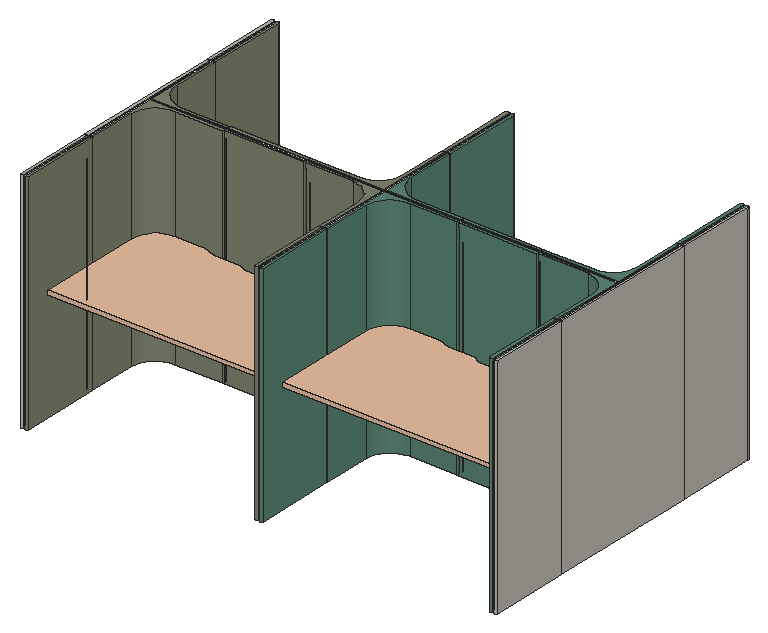
Revit family "NBS_Senator_MeetingPods_EnclaveFourPersonBackToBack", category Furniture, Revit 2018
Family settings
  Work Plane-Based = No
  Always vertical = Yes
  Cut with Voids When Loaded = No
  Shared = No
  Room Calculation Point = No
Parameters (values of type "PDEN4BB14")
  WarrantyStartDate [instance] = "1900-12-31T23:59:59"
  WarrantyGuarantorParts = "contactus@thesenatorgroup.com"
  WarrantyGuarantorLabor = "n/a"
  WarrantyDurationUnit = "year"
  WarrantyDurationParts = "10"
  WarrantyDurationLabor = "n/a"
  WarrantyDescription = "Senator warrants that its manufactured products are free from manufacturing defects - in materials or workmanship - for a period of ten (10) years on Senator Seating ranges; and fifteen (15) years on Senator Desking ranges - exceptions are listed below. Senator will repair or replace (at Senator’s sole discretion) with comparable free of charge materials / components, any product / component, which fails under normal use in a single shift environment, as a result of a defect in the materials and / or workmanship"
  Version = "1"  # constant formula
  Uniclass2015Version = "Products v1.16"
  Uniclass2015Title = "Meeting Pods"
  Uniclass2015Code = "Pr_40_50_12_53"
  TagNumber [instance] = "n/a"
  TableTopMaterial = NBS_Senator_Wood_HighlandOak_2
  SustainabilityPerformance = "99% recyclable"
  Style = "Pods"
  Status = "UNSET"
  Size = "1950 x 2950 x 1400 mm"
  Shape = "n/a"
  SerialNumber [instance] = "n/a"
  SeatWidth = "n/a"
  SeatDepth = "n/a"
  Revision = "n/a"
  ReplacementCost = "n/a"
  Reference = "n/a"
  ProductInformation = "http://www.thesenatorgroup.com/uk/senator/"
  NominalWidth = 2950 mm
  NominalLength = 2950 mm
  NominalHeight = 1400 mm
  NominalDepth = 1950 mm
  Name = "MeetingPods_EnclaveFourPersonBackToBack_PDEN4BB14_Senator"
  NBSReference = "45-35-20/342"
  NBSDescription = "Meeting pods"
  NBSCertification = "www.nationalbimlibrary.com/cert/g0xcbf3a"
  ModelReference = "Pods-EnclaveFourPersonBackToBack_PDEN4BB14"
  ModelNumber = "PDEN4BB14"
  Material = "Fabric, metal, plastic"
  ManufacturerURL = "www.senator.co.uk"
  ManufacturerName = "The Senator Group"  # constant formula
  Manufacturer = "sales@senator.co.uk"
  MainColor = "n/a"
  IsBuiltIn = no
  InstallationDate [instance] = "1900-12-31T23:59:59"
  InnerPanelMaterial2 = NBS_Senator_VirginWool_Montcrest
  InnerPanelMaterial1 = NBS_Senator_VirginWool_Lancaster
  OuterPanelMaterial = NBS_Senator_VirginWool_Fairfield
  IfcExportType = "USERDEFINED"  # constant formula
  IfcExportAs = "IfcFurnitureType"  # constant formula
  Grade = "n/a"
  FramesColour = "Black, white"
  FrameMaterial = NBS_Senator_Aluminium_Rigid_Siver
  FinishOptions = "Carini walnut, mocha, autumn, strata oak, maple, highland oak, beech, winter oak, hacienda white, white, light grey, denim, clay, lemon sorbet"
  Finish = "Outer vertical panels upholstered in camira, blazer fabric Two tone is standard"
  Features = "Internal frame with multi-layered acoustic foam, levelling adjusters, blazer fabric, outer vertical panels"
  FabricFinishOptions = "Plymouth, fairfield, latymer, lancaster, silcoates, silverdale, st andrews, trevelyan, ulster, wellington, wesley, manchester,"
  ExpectedLife = "10"
  EnclaveWidth = 2950 mm  # constant formula
  EnclaveHeight = 1400 mm
  EnclaveDepth = 1950 mm  # constant formula
  DurationUnit = "year"
  Description = "Enclave 4 Person Back to Back - 1400mm high"
  Constituents = "n/a"
  Color = "n/a"
  CodePerformance = "n/a"
  Category = "Pr_40_50_12_53:Meeting pods"
  BarCode [instance] = "n/a"
  BIMObjectName = "NBS_Senator_MeetingPods_EnclaveFourPersonBackToBack_PDEN4BB14"
  Author = "NBS"  # constant formula
  AssetType = "Fixed"
  AssetIdentifier [instance] = "n/a"
  Accessories = "Monitor arms, PU desk accessories, desk top accessories, CPU holders, electrical accessories, coat hanger, name plate, A2 dry wipe board with hanger, A3 dry wipe board with hanger"
  AccessibilityPerformance = "n/a"
Types (3, lengths in mm): name | Size | NominalHeight | Name | ModelReference | ModelNumber | EnclaveHeight | Description | BIMObjectName
  (no name) | "1950 x 2950 x 1400 mm" | 1400 | "MeetingPods_EnclaveFourPersonBackToBack_PDEN4BB14_Senator" | "Pods-EnclaveFourPersonBackToBack_PDEN4BB14" | "PDEN4BB14" | 1400 | "Enclave 4 Person Back to Back - 1400mm high" | "NBS_Senator_MeetingPods_EnclaveFourPersonBackToBack_PDEN4BB14"
  PDEN4BB14 | "1950 x 2950 x 1400 mm" | 1400 | "MeetingPods_EnclaveFourPersonBackToBack_PDEN4BB14_Senator" | "Pods-EnclaveFourPersonBackToBack_PDEN4BB14" | "PDEN4BB14" | 1400 | "Enclave 4 Person Back to Back - 1400mm high" | "NBS_Senator_MeetingPods_EnclaveFourPersonBackToBack_PDEN4BB14"
  PDEN4BB18 | "1950 x 2950 x 1800 mm" | 1800 | "MeetingPods_EnclaveFourPersonBackToBack_PDEN4BB18_Senator" | "Pods-EnclaveFourPersonBackToBack_PDEN4BB18" | "PDEN4BB18" | 1800 | "Enclave 4 Person Back to Back - 1800mm high" | "NBS_Senator_MeetingPods_EnclaveFourPersonBackToBack_PDEN4BB18"
Reference planes
  plane 1 "Center (Front/Back)": y = 0
  plane 2: z = 0
  plane 3 "Center (Left/Right)": x = 0
  plane 4 "Back": y = 975
  plane 5 "Front": y = -975
  plane 6 "Left": x = -1475
  plane 7 "Right": x = 1475
  plane 8 "Top": z = 1400
  plane 9: x = -1425
  plane 10: x = -25
  plane 11: x = 25
  plane 12: x = 1425
  plane 13: y = 25
  plane 14: y = -25
  plane 15: x = -1455
  plane 16: x = -1445
  plane 17: x = -5
  plane 18: x = 5
  plane 19: x = 1445
  plane 20: x = 1455
  plane 21: y = 5
  plane 22: y = -5
  plane 23: z = 710
Forms (mm)
  Extrusion 1, solid, material "NBS_Senator_VirginWool_Fairfield" <- "OuterPanelMaterial", detail levels fine
    sketch origin (0, 0, 0) x (1, 0, 0) y (0, 1, 0)
      loop
        arc (-1475, -965.177) -> (-1465, -975.177) -> (-1455, -965.177) r 10
        line (-1455, -965.177) -> (-1455, -480.65)
        arc (-1455, -480.65) -> (-1465, -475.194) -> (-1475, -480.65) r 11.892
        line (-1475, -480.65) -> (-1475, -965.177)
      loop
        arc (-1455, 965.195) -> (-1465, 975.195) -> (-1475, 965.195) r 10
        line (-1475, 965.195) -> (-1475, 480.65)
        arc (-1475, 480.65) -> (-1465, 475.315) -> (-1455, 480.65) r 12.039
        line (-1455, 480.65) -> (-1455, 965.195)
      loop
        arc (1455, -965.399) -> (1465, -975.399) -> (1475, -965.399) r 10
        line (1475, -965.399) -> (1475, -480.65)
        arc (1475, -480.65) -> (1465, -475.599) -> (1455, -480.65) r 12.425
        line (1455, -480.65) -> (1455, -965.399)
      loop
        arc (1475, 965.14) -> (1465, 975.14) -> (1455, 965.14) r 10
        line (1455, 965.14) -> (1455, 480.65)
        arc (1455, 480.65) -> (1465, 475.599) -> (1475, 480.65) r 12.425
        line (1475, 480.65) -> (1475, 965.14)
      loop
        arc (-1455, 469.65) -> (-1465, 474.953) -> (-1475, 469.65) r 12.079
        line (-1475, 469.65) -> (-1475, -469.65)
        arc (-1475, -469.65) -> (-1465, -474.7) -> (-1455, -469.65) r 12.425
        line (-1455, -469.65) -> (-1455, 469.65)
      loop
        line (1455, 469.65) -> (1455, -469.65)
        arc (1455, -469.65) -> (1465, -474.7) -> (1475, -469.65) r 12.425
        line (1475, -469.65) -> (1475, 469.65)
        arc (1475, 469.65) -> (1465, 474.701) -> (1455, 469.65) r 12.425
    from 0 to 1400
  Extrusion 2, solid, material "NBS_Senator_VirginWool_Lancaster" <- "InnerPanelMaterial1", detail levels fine
    sketch origin (0, 0, 0) x (1, 0, 0) y (0, 1, 0)
      loop
        arc (-1445, -965.318) -> (-1435, -975.318) -> (-1425, -965.318) r 10
        line (-1425, -965.318) -> (-1425, -480.65)
        arc (-1425, -480.65) -> (-1435, -475.599) -> (-1445, -480.65) r 12.425
        line (-1445, -480.65) -> (-1445, -965.318)
      loop
        arc (-1425, -175) -> (-1381.066, -68.934) -> (-1275, -25) r 150
        line (-1275, -25) -> (-976.114, -25)
        arc (-976.114, -25) -> (-971.114, -15) -> (-976.114, -5) r 12.501
        line (-976.114, -5) -> (-1445, -5) -> (-1445, -469.65)
        arc (-1445, -469.65) -> (-1435, -474.7) -> (-1425, -469.65) r 12.425
        line (-1425, -469.65) -> (-1425, -175)
      loop
        arc (-175, -25) -> (-68.934, -68.934) -> (-25, -175) r 150
        line (-25, -175) -> (-25, -469.65)
        arc (-25, -469.65) -> (-15, -474.68) -> (-5, -469.65) r 12.455
        line (-5, -469.65) -> (-5, -5) -> (-467.814, -5)
        arc (-467.814, -5) -> (-472.815, -15) -> (-467.814, -25) r 12.499
        line (-467.814, -25) -> (-175, -25)
      loop
        arc (-25, -964.838) -> (-15, -974.838) -> (-5, -964.838) r 10
        line (-5, -964.838) -> (-5, -480.65)
        arc (-5, -480.65) -> (-15, -475.649) -> (-25, -480.65) r 12.5
        line (-25, -480.65) -> (-25, -964.838)
      loop
        line (-1425, 175) -> (-1425, 469.65)
        arc (-1425, 469.65) -> (-1435, 474.871) -> (-1445, 469.65) r 12.187
        line (-1445, 469.65) -> (-1445, 5) -> (-976.114, 5)
        arc (-976.114, 5) -> (-971.114, 15) -> (-976.114, 25) r 12.5
        line (-976.114, 25) -> (-1275, 25)
        arc (-1275, 25) -> (-1381.066, 68.934) -> (-1425, 175) r 150
      loop
        line (-175, 25) -> (-467.896, 25)
        arc (-467.896, 25) -> (-472.815, 15) -> (-467.896, 5) r 12.625
        line (-467.896, 5) -> (-5, 5) -> (-5, 469.65)
        arc (-5, 469.65) -> (-15, 474.649) -> (-25, 469.65) r 12.5
        line (-25, 469.65) -> (-25, 175)
        arc (-25, 175) -> (-68.934, 68.934) -> (-175, 25) r 150
      loop
        line (-25, 965.037) -> (-25, 480.65)
        arc (-25, 480.65) -> (-15, 475.649) -> (-5, 480.65) r 12.5
        line (-5, 480.65) -> (-5, 965.037)
        arc (-5, 965.037) -> (-15, 975.037) -> (-25, 965.037) r 10
      loop
        line (-1445, 965.324) -> (-1445, 480.65)
        arc (-1445, 480.65) -> (-1435, 475.599) -> (-1425, 480.65) r 12.425
        line (-1425, 480.65) -> (-1425, 965.324)
        arc (-1425, 965.324) -> (-1435, 975.324) -> (-1445, 965.324) r 10
      loop
        line (-965.114, 5) -> (-478.815, 5)
        arc (-478.815, 5) -> (-473.815, 15) -> (-478.815, 25) r 12.5
        line (-478.815, 25) -> (-965.114, 25)
        arc (-965.114, 25) -> (-970.114, 15) -> (-965.114, 5) r 12.5
      loop
        arc (-965.114, -5) -> (-970.114, -15) -> (-965.114, -25) r 12.5
        line (-965.114, -25) -> (-478.814, -25)
        arc (-478.814, -25) -> (-473.815, -15) -> (-478.814, -5) r 12.5
        line (-478.814, -5) -> (-965.114, -5)
    from 0 to 1400
  Extrusion 3, solid, material "NBS_Senator_VirginWool_Montcrest" <- "InnerPanelMaterial2", detail levels fine
    sketch origin (0, 0, 0) x (1, 0, 0) y (0, 1, 0)
      loop
        arc (5, -965.097) -> (15, -975.097) -> (25, -965.097) r 10
        line (25, -965.097) -> (25, -480.771)
        arc (25, -480.771) -> (15, -475.597) -> (5, -480.771) r 12.251
        line (5, -480.771) -> (5, -965.097)
      loop
        arc (1445, 964.954) -> (1435, 974.954) -> (1425, 964.954) r 10
        line (1425, 964.954) -> (1425, 480.65)
        arc (1425, 480.65) -> (1435, 475.713) -> (1445, 480.65) r 12.597
        line (1445, 480.65) -> (1445, 964.954)
      loop
        arc (25, -175) -> (68.934, -68.934) -> (175, -25) r 150
        line (175, -25) -> (467.814, -25)
        arc (467.814, -25) -> (472.856, -15) -> (467.814, -5) r 12.438
        line (467.814, -5) -> (5, -5) -> (5, -469.529)
        arc (5, -469.529) -> (15, -474.678) -> (25, -469.529) r 12.285
        line (25, -469.529) -> (25, -175)
      loop
        arc (1275, -25) -> (1381.066, -68.934) -> (1425, -175) r 150
        line (1425, -175) -> (1425, -469.65)
        arc (1425, -469.65) -> (1435, -474.7) -> (1445, -469.65) r 12.425
        line (1445, -469.65) -> (1445, -5) -> (976.114, -5)
        arc (976.114, -5) -> (971.101, -15) -> (976.114, -25) r 12.481
        line (976.114, -25) -> (1275, -25)
      loop
        arc (1425, -965.274) -> (1435, -975.274) -> (1445, -965.274) r 10
        line (1445, -965.274) -> (1445, -480.65)
        arc (1445, -480.65) -> (1435, -475.938) -> (1425, -480.65) r 12.968
        line (1425, -480.65) -> (1425, -965.274)
      loop
        line (25, 175) -> (25, 469.528)
        arc (25, 469.528) -> (15, 474.655) -> (5, 469.528) r 12.316
        line (5, 469.528) -> (5, 5) -> (467.815, 5)
        arc (467.815, 5) -> (472.822, 15) -> (467.815, 25) r 12.49
        line (467.815, 25) -> (175, 25)
        arc (175, 25) -> (68.934, 68.934) -> (25, 175) r 150
      loop
        line (1275, 25) -> (976.115, 25)
        arc (976.115, 25) -> (971.047, 15) -> (976.115, 5) r 12.401
        line (976.115, 5) -> (1445, 5) -> (1445, 469.65)
        arc (1445, 469.65) -> (1435, 474.655) -> (1425, 469.65) r 12.492
        line (1425, 469.65) -> (1425, 175)
        arc (1425, 175) -> (1381.066, 68.934) -> (1275, 25) r 150
      loop
        line (5, 965.44) -> (5, 480.77)
        arc (5, 480.77) -> (15, 475.574) -> (25, 480.77) r 12.22
        line (25, 480.77) -> (25, 965.44)
        arc (25, 965.44) -> (15, 975.44) -> (5, 965.44) r 10
      loop
        arc (478.815, -5) -> (473.786, -15) -> (478.815, -25) r 12.457
        line (478.815, -25) -> (965.115, -25)
        arc (965.115, -25) -> (970.12, -15) -> (965.115, -5) r 12.492
        line (965.115, -5) -> (478.815, -5)
      loop
        arc (478.815, 25) -> (473.773, 15) -> (478.815, 5) r 12.438
        line (478.815, 5) -> (965.114, 5)
        arc (965.114, 5) -> (970.114, 15) -> (965.114, 25) r 12.5
        line (965.114, 25) -> (478.815, 25)
    from 0 to 1400
  Extrusion 4, solid, material "NBS_Senator_Aluminium_Rigid_Siver" <- "FrameMaterial", detail levels fine
    sketch origin (0, 0, 0) x (1, 0, 0) y (0, 1, 0)
      loop
        arc (-1455, -964.508) -> (-1450, -969.508) -> (-1445, -964.508) r 5
        line (-1445, -964.508) -> (-1445, -480.128)
        arc (-1445, -480.128) -> (-1450, -476.115) -> (-1455, -480.128) r 5.121
        line (-1455, -480.128) -> (-1455, -964.508)
      loop
        arc (-1445, 965.173) -> (-1450, 970.173) -> (-1455, 965.173) r 5
        line (-1455, 965.173) -> (-1455, 480.128)
        arc (-1455, 480.128) -> (-1450, 475.128) -> (-1445, 480.128) r 5
        line (-1445, 480.128) -> (-1445, 965.173)
      loop
        arc (-5, -961.08) -> (0, -966.08) -> (5, -961.08) r 5
        line (5, -961.08) -> (5, -480.128)
        arc (5, -480.128) -> (0, -476.041) -> (-5, -480.128) r 5.102
        line (-5, -480.128) -> (-5, -961.08)
      loop
        arc (5, 967.698) -> (0, 972.698) -> (-5, 967.698) r 5
        line (-5, 967.698) -> (-5, 480.128)
        arc (-5, 480.128) -> (0, 475.128) -> (5, 480.128) r 5
        line (5, 480.128) -> (5, 967.698)
      loop
        arc (1445, -962.608) -> (1450, -967.608) -> (1455, -962.608) r 5
        line (1455, -962.608) -> (1455, -480.65)
        arc (1455, -480.65) -> (1450, -475.65) -> (1445, -480.65) r 5
        line (1445, -480.65) -> (1445, -962.608)
      loop
        arc (1455, 964.597) -> (1450, 969.597) -> (1445, 964.597) r 5
        line (1445, 964.597) -> (1445, 480.65)
        arc (1445, 480.65) -> (1450, 475.65) -> (1455, 480.65) r 5
        line (1455, 480.65) -> (1455, 964.597)
      loop
        line (-1445, 5) -> (-1445, 469.65)
        arc (-1445, 469.65) -> (-1450, 474.65) -> (-1455, 469.65) r 5
        line (-1455, 469.65) -> (-1455, -470.171)
        arc (-1455, -470.171) -> (-1450, -475.171) -> (-1445, -470.171) r 5
        line (-1445, -470.171) -> (-1445, -5) -> (-975.592, -5)
        arc (-975.592, -5) -> (-971.543, 0) -> (-975.592, 5) r 5.112
        line (-975.592, 5) -> (-1445, 5)
      loop
        line (1445, -5) -> (1445, -469.65)
        arc (1445, -469.65) -> (1450, -474.65) -> (1455, -469.65) r 5
        line (1455, -469.65) -> (1455, 470.171)
        arc (1455, 470.171) -> (1450, 475.171) -> (1445, 470.171) r 5
        line (1445, 470.171) -> (1445, 5) -> (976.033, 5)
        arc (976.033, 5) -> (971.033, 0) -> (976.033, -5) r 5
        line (976.033, -5) -> (1445, -5)
      loop
        line (-5, 5) -> (-468.336, 5)
        arc (-468.336, 5) -> (-472.06, 0) -> (-468.336, -5) r 5.219
        line (-468.336, -5) -> (-5, -5) -> (-5, -470.171)
        arc (-5, -470.171) -> (0, -474.197) -> (5, -470.171) r 5.118
        line (5, -470.171) -> (5, -5) -> (468.336, -5)
        arc (468.336, -5) -> (472.39, 0) -> (468.336, 5) r 5.111
        line (468.336, 5) -> (5, 5) -> (5, 470.171)
        arc (5, 470.171) -> (0, 474.245) -> (-5, 470.171) r 5.105
        line (-5, 470.171) -> (-5, 5)
      loop
        arc (-965.636, 5) -> (-969.359, 0) -> (-965.636, -5) r 5.219
        line (-965.636, -5) -> (-478.293, -5)
        arc (-478.293, -5) -> (-474.576, 0) -> (-478.293, 5) r 5.221
        line (-478.293, 5) -> (-965.636, 5)
      loop
        arc (478.293, 5) -> (474.228, 0) -> (478.293, -5) r 5.107
        line (478.293, -5) -> (965.636, -5)
        arc (965.636, -5) -> (969.683, 0) -> (965.636, 5) r 5.112
        line (965.636, 5) -> (478.293, 5)
    from 0 to 1400
  Extrusion 5, solid, material "NBS_Senator_VirginWool_Fairfield" <- "OuterPanelMaterial", detail levels coarse+medium
    sketch origin (0, 0, 0) x (1, 0, 0) y (0, 1, 0)
      loop
        arc (-1476.875, -960.092) -> (-1450, -986.967) -> (-1423.125, -960.092) r 26.875
        line (-1423.125, -960.092) -> (-1423.125, -196.875)
        arc (-1423.125, -196.875) -> (-1373.333, -76.667) -> (-1253.125, -26.875) r 170
        line (-1253.125, -26.875) -> (-190.938, -26.875)
        arc (-190.938, -26.875) -> (-74.265, -75.202) -> (-25.938, -191.875) r 165
        line (-25.938, -191.875) -> (-25.938, -961.273)
        arc (-25.938, -961.273) -> (0.156, -987.367) -> (26.25, -961.273) r 26.094
        line (26.25, -961.273) -> (26.25, -191.25)
        arc (26.25, -191.25) -> (74.577, -74.577) -> (191.25, -26.25) r 165
        line (191.25, -26.25) -> (1253.75, -26.25)
        arc (1253.75, -26.25) -> (1373.958, -76.042) -> (1423.75, -196.25) r 170
        line (1423.75, -196.25) -> (1423.75, -962.913)
        arc (1423.75, -962.913) -> (1449.844, -989.006) -> (1475.938, -962.913) r 26.094
        line (1475.938, -962.913) -> (1475.938, 961.237)
        arc (1475.938, 961.237) -> (1449.844, 987.33) -> (1423.75, 961.237) r 26.094
        line (1423.75, 961.237) -> (1423.75, 196.25)
        arc (1423.75, 196.25) -> (1373.958, 76.042) -> (1253.75, 26.25) r 170
        line (1253.75, 26.25) -> (196.25, 26.25)
        arc (196.25, 26.25) -> (76.042, 76.042) -> (26.25, 196.25) r 170
        line (26.25, 196.25) -> (26.25, 961.68)
        arc (26.25, 961.68) -> (0, 987.93) -> (-26.25, 961.68) r 26.25
        line (-26.25, 961.68) -> (-26.25, 196.25)
        arc (-26.25, 196.25) -> (-76.042, 76.042) -> (-196.25, 26.25) r 170
        line (-196.25, 26.25) -> (-1253.125, 26.25)
        arc (-1253.125, 26.25) -> (-1373.333, 76.042) -> (-1423.125, 196.25) r 170
        line (-1423.125, 196.25) -> (-1423.125, 959.794)
        arc (-1423.125, 959.794) -> (-1450, 986.669) -> (-1476.875, 959.794) r 26.875
        line (-1476.875, 959.794) -> (-1476.875, -960.092)
    from 0 to 1400
Dimensions and locks
  equal spacing: plane 6 "Left", plane 3 "Center (Left/Right)", plane 7 "Right"
  "EnclaveWidth": plane 6 "Left" to plane 7 "Right"
  equal spacing: plane 4 "Back", plane 1 "Center (Front/Back)", plane 5 "Front"
  "EnclaveDepth": plane 4 "Back" to plane 5 "Front"
  "EnclaveHeight": plane 8 "Top" to plane 2
  locked: plane 6 "Left" to plane 9 at 50
  equal spacing: plane 10, plane 3 "Center (Left/Right)", plane 11
  locked: plane 10 to plane 11 at 50
  locked: plane 12 to plane 7 "Right" at 50
  equal spacing: plane 13, plane 1 "Center (Front/Back)", plane 14
  locked: plane 13 to plane 14 at 50
  locked: plane 22 to plane 14 at 20
  locked: plane 13 to plane 21 at 20
  locked: plane 16 to plane 9 at 20
  locked: plane 6 "Left" to plane 15 at 20
  locked: plane 18 to plane 11 at 20
  locked: plane 10 to plane 17 at 20
  locked: plane 20 to plane 7 "Right" at 20
  locked: plane 12 to plane 19 at 20
  plane 23 to plane 2 = 710 mm
  aligned and locked: level to plane 2
  aligned and locked: plane 6 "Left" to Extrusion 1 sketch curve
  aligned and locked: Extrusion 1 sketch curve to plane 15
  aligned and locked: plane 7 "Right" to Extrusion 1 sketch curve
  aligned and locked: plane 20 to Extrusion 1 sketch curve
  aligned and locked: Extrusion 1 to plane 8 "Top"
  aligned and locked: plane 16 to Extrusion 2 sketch curve
  aligned and locked: plane 9 to Extrusion 2 sketch curve
  aligned and locked: plane 13 to Extrusion 2 sketch curve
  aligned and locked: plane 14 to Extrusion 2 sketch curve
  aligned and locked: Extrusion 2 sketch curve to plane 9
  aligned and locked: Extrusion 2 sketch curve to plane 10
  aligned and locked: plane 10 to Extrusion 2 sketch curve
  aligned and locked: Extrusion 2 sketch curve to plane 21
  aligned and locked: plane 22 to Extrusion 2 sketch curve
  aligned and locked: Extrusion 2 to plane 8 "Top"
  aligned and locked: plane 18 to Extrusion 3 sketch curve
  aligned and locked: plane 11 to Extrusion 3 sketch curve
  aligned and locked: Extrusion 3 sketch curve to plane 19
  aligned and locked: Extrusion 3 sketch curve to plane 12
  aligned and locked: Extrusion 3 sketch curve to plane 11
  aligned and locked: plane 12 to Extrusion 3 sketch curve
  aligned and locked: Extrusion 3 sketch curve to plane 21
  aligned and locked: plane 22 to Extrusion 3 sketch curve
  aligned and locked: plane 14 to Extrusion 3 sketch curve
  aligned and locked: plane 13 to Extrusion 3 sketch curve
  aligned and locked: Extrusion 3 to plane 8 "Top"
  aligned and locked: plane 15 to Extrusion 4 sketch curve
  aligned and locked: Extrusion 4 sketch curve to plane 16
  aligned and locked: Extrusion 4 sketch curve to plane 21
  aligned and locked: plane 22 to Extrusion 4 sketch curve
  aligned and locked: Extrusion 4 sketch curve to plane 18
  aligned and locked: plane 17 to Extrusion 4 sketch curve
  aligned and locked: plane 19 to Extrusion 4 sketch curve
  aligned and locked: Extrusion 4 sketch curve to plane 20
  aligned and locked: Extrusion 4 to plane 8 "Top"
  aligned and locked: Extrusion 2 sketch curve to plane 17  (x4)
  aligned and locked: nested 4 to plane 13
  aligned and locked: nested 3 to plane 13
  aligned and locked: plane 14 to nested 1
  aligned and locked: plane 14 to nested 2
  aligned and locked: Extrusion 5 to plane 8 "Top"
  aligned and locked: nested 1 to plane 23
  aligned and locked: nested 2 to plane 23
  aligned and locked: nested 3 to plane 23
Automatic sketch dimensions
  Extrusion 1 sketch curve to plane 6 "Left" = 0 mm  (x2)
  Extrusion 1 sketch curve to plane 15 = 0 mm  (x2)
  Extrusion 1 sketch curve to plane 20 = 0 mm  (x2)
  Extrusion 1 sketch curve to plane 7 "Right" = 0 mm  (x2)
  plane 6 "Left" to Extrusion 1 sketch curve = 10 mm  (x4)
  plane 7 "Right" to Extrusion 1 sketch curve = 10 mm  (x4)
  plane 5 "Front" to Extrusion 1 sketch curve = 9.601 mm
  plane 5 "Front" to Extrusion 1 sketch curve = 9.823 mm
  Extrusion 1 sketch curve to plane 14 = 463.024 mm
  Extrusion 1 sketch curve to plane 14 = 462.085 mm
  Extrusion 1 sketch curve to Extrusion 1 sketch curve = 6.436 mm
  Extrusion 1 sketch curve to Extrusion 1 sketch curve = 11 mm  (x4)
  Extrusion 1 sketch curve to Extrusion 1 sketch curve = 25.749 mm
  Extrusion 1 sketch curve to Extrusion 1 sketch curve = 7.374 mm  (x3)
  plane 13 to Extrusion 1 sketch curve = 437.276 mm
  plane 13 to Extrusion 1 sketch curve = 437.874 mm
  Extrusion 1 sketch curve to Extrusion 1 sketch curve = 6.776 mm
  Extrusion 1 sketch curve to Extrusion 1 sketch curve = 6.703 mm
  Extrusion 1 sketch curve to plane 4 "Back" = 9.86 mm
  Extrusion 1 sketch curve to plane 4 "Back" = 9.805 mm
  Extrusion 1 sketch curve to Extrusion 1 sketch curve = 7.375 mm
  Extrusion 4 sketch curve to plane 15 = 0 mm  (x2)
  Extrusion 4 sketch curve to plane 16 = 0 mm  (x3)
  plane 1 "Center (Front/Back)" to Extrusion 4 sketch curve = 0 mm  (x8)
  Extrusion 4 sketch curve to plane 22 = 0 mm  (x5)
  Extrusion 4 sketch curve to plane 21 = 0 mm  (x4)
  Extrusion 4 sketch curve to plane 3 "Center (Left/Right)" = 0 mm  (x5)
  Extrusion 4 sketch curve to plane 19 = 0 mm  (x3)
  plane 15 to Extrusion 4 sketch curve = 5 mm
  plane 9 to Extrusion 4 sketch curve = 448.346 mm
  Extrusion 4 sketch curve to Extrusion 4 sketch curve = 1.062 mm
  Extrusion 4 sketch curve to Extrusion 4 sketch curve = 9.957 mm  (x3)
  Extrusion 4 sketch curve to Extrusion 4 sketch curve = 1.495 mm
  Extrusion 4 sketch curve to plane 10 = 454.797 mm
  Extrusion 4 sketch curve to Extrusion 4 sketch curve = 1.504 mm
  Extrusion 4 sketch curve to Extrusion 4 sketch curve = 9.956 mm  (x2)
  Extrusion 4 sketch curve to Extrusion 4 sketch curve = 1.496 mm
  plane 11 to Extrusion 4 sketch curve = 442.279 mm
  Extrusion 4 sketch curve to plane 12 = 460.429 mm
  Extrusion 4 sketch curve to plane 14 = 444.079 mm
  Extrusion 4 sketch curve to plane 14 = 444.65 mm
  Extrusion 4 sketch curve to plane 14 = 445.171 mm
  Extrusion 4 sketch curve to Extrusion 4 sketch curve = 1.108 mm
  plane 5 "Front" to Extrusion 4 sketch curve = 13.92 mm
  plane 5 "Front" to Extrusion 4 sketch curve = 12.392 mm
  plane 5 "Front" to Extrusion 4 sketch curve = 10.492 mm
  plane 13 to Extrusion 4 sketch curve = 444.139 mm
  plane 13 to Extrusion 4 sketch curve = 444.65 mm
  plane 13 to Extrusion 4 sketch curve = 445.171 mm
  Extrusion 4 sketch curve to Extrusion 4 sketch curve = 10.988 mm
  Extrusion 4 sketch curve to Extrusion 4 sketch curve = 10.479 mm  (x2)
  Extrusion 4 sketch curve to plane 4 "Back" = 10.403 mm
  Extrusion 4 sketch curve to plane 4 "Back" = 9.827 mm
  Extrusion 4 sketch curve to plane 4 "Back" = 7.302 mm
  Extrusion 4 sketch curve to Extrusion 4 sketch curve = 1.057 mm
  Extrusion 4 sketch curve to Extrusion 4 sketch curve = 1.042 mm
  Extrusion 4 sketch curve to Extrusion 4 sketch curve = 1.065 mm
  Extrusion 4 sketch curve to Extrusion 4 sketch curve = 1.092 mm
  Extrusion 4 sketch curve to Extrusion 4 sketch curve = 1.016 mm
  Extrusion 4 sketch curve to Extrusion 4 sketch curve = 1.032 mm
  Extrusion 4 sketch curve to Extrusion 4 sketch curve = 10.397 mm
  Extrusion 4 sketch curve to Extrusion 4 sketch curve = 11 mm
  Extrusion 4 sketch curve to plane 17 = 0 mm  (x2)
  Extrusion 4 sketch curve to plane 18 = 0 mm  (x2)
  Extrusion 4 sketch curve to plane 20 = 0 mm  (x2)
  Extrusion 2 sketch curve to plane 16 = 0 mm  (x3)
  Extrusion 2 sketch curve to plane 9 = 0 mm  (x2)
  Extrusion 2 sketch curve to plane 13 = 0 mm  (x2)
  Extrusion 2 sketch curve to plane 14 = 0 mm  (x2)
  Extrusion 2 sketch curve to plane 22 = 0 mm  (x2)
  Extrusion 2 sketch curve to plane 21 = 0 mm  (x2)
  Extrusion 2 sketch curve to plane 10 = 0 mm  (x2)
  Extrusion 2 sketch curve to plane 9 = 10 mm  (x4)
  plane 9 to Extrusion 2 sketch curve = 150 mm
  Extrusion 2 sketch curve to Extrusion 2 sketch curve = 0 mm  (x5)
  plane 14 to Extrusion 2 sketch curve = 10 mm  (x2)
  Extrusion 2 sketch curve to Extrusion 2 sketch curve = 291.385 mm
  Extrusion 2 sketch curve to Extrusion 2 sketch curve = 0.001 mm  (x2)
  Extrusion 2 sketch curve to Extrusion 2 sketch curve = 7.499 mm  (x3)
  Extrusion 2 sketch curve to Extrusion 2 sketch curve = 10.999 mm  (x2)
  Extrusion 2 sketch curve to Extrusion 2 sketch curve = 11 mm  (x6)
  Extrusion 2 sketch curve to Extrusion 2 sketch curve = 7.5 mm  (x6)
  Extrusion 2 sketch curve to plane 10 = 461.315 mm
  Extrusion 2 sketch curve to Extrusion 2 sketch curve = 10.918 mm  (x2)
  Extrusion 2 sketch curve to Extrusion 2 sketch curve = 0.082 mm
  Extrusion 2 sketch curve to Extrusion 2 sketch curve = 7.707 mm
  Extrusion 2 sketch curve to plane 10 = 150 mm
  plane 10 to Extrusion 2 sketch curve = 10 mm  (x4)
  Extrusion 2 sketch curve to Extrusion 2 sketch curve = 287.225 mm
  Extrusion 2 sketch curve to Extrusion 2 sketch curve = 287.275 mm
  Extrusion 2 sketch curve to Extrusion 2 sketch curve = 7.374 mm  (x2)
  Extrusion 2 sketch curve to Extrusion 2 sketch curve = 7.425 mm
  plane 5 "Front" to Extrusion 2 sketch curve = 10.162 mm
  plane 5 "Front" to Extrusion 2 sketch curve = 9.682 mm
  Extrusion 2 sketch curve to Extrusion 2 sketch curve = 287.149 mm
  Extrusion 2 sketch curve to Extrusion 2 sketch curve = 287.684 mm
  Extrusion 2 sketch curve to Extrusion 2 sketch curve = 6.966 mm
  Extrusion 2 sketch curve to Extrusion 2 sketch curve = 7.375 mm
  Extrusion 2 sketch curve to Extrusion 2 sketch curve = 18.5 mm
  Extrusion 2 sketch curve to plane 4 "Back" = 9.963 mm
  Extrusion 2 sketch curve to plane 4 "Back" = 9.676 mm
  Extrusion 3 sketch curve to plane 18 = 0 mm  (x3)
  Extrusion 3 sketch curve to plane 11 = 0 mm  (x2)
  Extrusion 3 sketch curve to plane 14 = 0 mm  (x2)
  Extrusion 3 sketch curve to plane 13 = 0 mm  (x2)
  Extrusion 3 sketch curve to plane 22 = 0 mm  (x2)
  Extrusion 3 sketch curve to plane 21 = 0 mm  (x2)
  Extrusion 3 sketch curve to plane 12 = 0 mm  (x2)
  Extrusion 3 sketch curve to plane 19 = 0 mm  (x3)
  Extrusion 3 sketch curve to plane 11 = 10 mm  (x4)
  plane 11 to Extrusion 3 sketch curve = 150 mm
  Extrusion 3 sketch curve to Extrusion 3 sketch curve = 0 mm  (x3)
  Extrusion 3 sketch curve to plane 13 = 10 mm  (x2)
  Extrusion 3 sketch curve to Extrusion 3 sketch curve = 285.332 mm
  Extrusion 3 sketch curve to Extrusion 3 sketch curve = 0.086 mm
  Extrusion 3 sketch curve to Extrusion 3 sketch curve = 7.396 mm  (x3)
  Extrusion 3 sketch curve to Extrusion 3 sketch curve = 0.001 mm  (x2)
  Extrusion 3 sketch curve to Extrusion 3 sketch curve = 11 mm  (x6)
  Extrusion 3 sketch curve to Extrusion 3 sketch curve = 7.428 mm
  Extrusion 3 sketch curve to plane 12 = 467.385 mm
  Extrusion 3 sketch curve to Extrusion 3 sketch curve = 0.013 mm
  Extrusion 3 sketch curve to Extrusion 3 sketch curve = 7.5 mm
  Extrusion 3 sketch curve to Extrusion 3 sketch curve = 7.487 mm  (x2)
  Extrusion 3 sketch curve to Extrusion 3 sketch curve = 10.999 mm  (x2)
  Extrusion 3 sketch curve to Extrusion 3 sketch curve = 7.334 mm
  Extrusion 3 sketch curve to Extrusion 3 sketch curve = 7.469 mm
  Extrusion 3 sketch curve to Extrusion 3 sketch curve = 150 mm
  Extrusion 3 sketch curve to plane 12 = 150 mm
  plane 12 to Extrusion 3 sketch curve = 10 mm  (x4)
  Extrusion 3 sketch curve to Extrusion 3 sketch curve = 287.275 mm
  Extrusion 3 sketch curve to Extrusion 3 sketch curve = 287.393 mm
  Extrusion 3 sketch curve to Extrusion 3 sketch curve = 7.136 mm
  Extrusion 3 sketch curve to Extrusion 3 sketch curve = 7.375 mm
  Extrusion 3 sketch curve to Extrusion 3 sketch curve = 11.241 mm
  Extrusion 3 sketch curve to Extrusion 3 sketch curve = 7.077 mm
  Extrusion 3 sketch curve to Extrusion 3 sketch curve = 8.257 mm
  plane 5 "Front" to Extrusion 3 sketch curve = 9.903 mm
  plane 5 "Front" to Extrusion 3 sketch curve = 9.726 mm
  Extrusion 3 sketch curve to Extrusion 3 sketch curve = 287.163 mm
  Extrusion 3 sketch curve to Extrusion 3 sketch curve = 287.339 mm
  Extrusion 3 sketch curve to Extrusion 3 sketch curve = 7.189 mm
  Extrusion 3 sketch curve to Extrusion 3 sketch curve = 11.242 mm
  Extrusion 3 sketch curve to Extrusion 3 sketch curve = 7.024 mm
  Extrusion 3 sketch curve to Extrusion 3 sketch curve = 7.66 mm
  Extrusion 3 sketch curve to plane 4 "Back" = 9.56 mm
  Extrusion 3 sketch curve to plane 4 "Back" = 10.046 mm
  Extrusion 5 sketch curve to plane 3 "Center (Left/Right)" = 0 mm
  Extrusion 5 sketch curve to plane 10 = 0.938 mm
  Extrusion 5 sketch curve to plane 10 = 1.25 mm
  Extrusion 5 sketch curve to plane 14 = 1.875 mm
  Extrusion 5 sketch curve to plane 10 = 165.938 mm
  plane 13 to Extrusion 5 sketch curve = 1.25 mm  (x2)
  Extrusion 5 sketch curve to Extrusion 5 sketch curve = 5.312 mm
  plane 9 to Extrusion 5 sketch curve = 171.875 mm  (x2)
  plane 9 to Extrusion 5 sketch curve = 1.875 mm  (x2)
  plane 15 to Extrusion 5 sketch curve = 5 mm
  plane 3 "Center (Left/Right)" to Extrusion 5 sketch curve = 0.156 mm
  Extrusion 5 sketch curve to Extrusion 5 sketch curve = 165 mm
  Extrusion 5 sketch curve to Extrusion 5 sketch curve = 5 mm
  Extrusion 5 sketch curve to plane 14 = 1.25 mm
  Extrusion 5 sketch curve to plane 12 = 171.25 mm
  Extrusion 5 sketch curve to Extrusion 5 sketch curve = 0 mm
  Extrusion 5 sketch curve to plane 12 = 1.25 mm  (x2)
  plane 19 to Extrusion 5 sketch curve = 4.844 mm
  plane 5 "Front" to Extrusion 5 sketch curve = 14.908 mm
  plane 5 "Front" to Extrusion 5 sketch curve = 13.727 mm
  plane 5 "Front" to Extrusion 5 sketch curve = 12.087 mm
  Extrusion 5 sketch curve to plane 4 "Back" = 15.206 mm
  Extrusion 5 sketch curve to plane 4 "Back" = 13.763 mm
  Extrusion 5 sketch curve to plane 4 "Back" = 13.32 mm
Nested families
  nested 1: "NBS_Senator_Desk_PDBDA14" at (-723.625, -425, 685), type "NBS_Senator_Desk_PDBDA14"
  nested 2: "NBS_Senator_Desk_PDBDA14" at (723.875, -425, 685), type "NBS_Senator_Desk_PDBDA14"
  nested 3: "NBS_Senator_Desk_PDBDA14" at (-724.25, 425, 685) x (-1, 0, 0) z (0, 0, 1), type "NBS_Senator_Desk_PDBDA14"
  nested 4: "NBS_Senator_Desk_PDBDA14" at (725.75, 425, 685) x (-1, 0, 0) z (0, 0, 1), type "NBS_Senator_Desk_PDBDA14"
Definition of nested family "NBS_Senator_Desk_PDBDA14"
  Parameters (values of type "NBS_Senator_Desk_PDBDA14")
    DeskWidth = 1394 mm
    DeskThickness = 25 mm
    DeskMaterial = none
    DeskDepth = 800 mm
  Reference planes
    plane 1 "Back": y = 0
    plane 2 "Bottom": z = 0
    plane 3 "Center (Left/Right)": x = 0
    plane 4 "Left": x = -697
    plane 5 "Right": x = 697
    plane 6 "Front": y = -400
    plane 7 "Top": z = 25
    plane 8: y = 400
  Forms (mm)
    Extrusion 1, solid, material <- "DeskMaterial", detail levels medium+fine
      sketch origin (0, 400, 0) x (1, 0, 0) y (0, 1, 0)
        loop
          arc (-547, 0) -> (-653.066, -43.934) -> (-697, -150) r 150
          line (-697, -150) -> (-697, -800) -> (697, -800) -> (697, -150)
          arc (697, -150) -> (653.066, -43.934) -> (547, 0) r 150
          line (547, 0) -> (369.041, 0) -> (289.799, -29.69) -> (126.526, -29.69) -> (84.186, -54.135) -> (-84.186, -54.135) -> (-126.526, -29.69) -> (-289.799, -29.69) -> (-369.041, 0) -> (-547, 0)
      from 0 to 25
    Extrusion 2, solid, material <- "DeskMaterial", detail levels coarse
      sketch origin (0, 0, 0) x (1, 0, 0) y (0, 1, 0)
        loop
          arc (-549, 400) -> (-653.652, 356.652) -> (-697, 252) r 148
          line (-697, 252) -> (-697, -400) -> (697, -400) -> (697, 257.372)
          arc (697, 257.372) -> (655.225, 358.225) -> (554.372, 400) r 142.628
          line (554.372, 400) -> (-549, 400)
      from 0 to 25
  Dimensions and locks
    equal spacing: plane 4 "Left", plane 3 "Center (Left/Right)", plane 5 "Right"
    "DeskWidth": plane 4 "Left" to plane 5 "Right"
    Extrusion 1 sketch curve to Extrusion 1 sketch curve to Extrusion 1 sketch curve to plane 3 "Center (Left/Right)" to Extrusion 1 sketch curve to Extrusion 1 sketch curve to Extrusion 1 sketch curve = 79.242 mm locked, 163.273 mm locked, 126.526 mm locked, 126.526 mm locked, 163.273 mm locked, 79.242 mm locked
    "DeskThickness": plane 7 "Top" to level
    equal spacing: plane 8, plane 1 "Back", plane 6 "Front"
    "DeskDepth": plane 8 to plane 6 "Front"
    aligned and locked: level to plane 2 "Bottom"
    aligned and locked: plane 4 "Left" to Extrusion 1 sketch curve
    aligned and locked: Extrusion 1 sketch curve to plane 5 "Right"
    aligned and locked: Extrusion 1 to plane 2 "Bottom"
    aligned and locked: plane 7 "Top" to Extrusion 1
    aligned and locked: Extrusion 1 to plane 6 "Front"
    aligned and locked: Extrusion 1 to plane 4 "Left"
    aligned and locked: plane 5 "Right" to Extrusion 1
    aligned and locked: plane 8 to Extrusion 1  (x2)
    aligned and locked: Extrusion 2 sketch curve to plane 8
    aligned and locked: plane 4 "Left" to Extrusion 2 sketch curve
    aligned and locked: plane 6 "Front" to Extrusion 2 sketch curve
    aligned and locked: Extrusion 2 sketch curve to plane 5 "Right"
    aligned and locked: plane 7 "Top" to Extrusion 2
  Automatic sketch dimensions
    plane 4 "Left" to Extrusion 1 sketch curve = 150 mm
    Extrusion 1 sketch curve to plane 1 "Back" = 250 mm  (x2)
    Extrusion 1 sketch curve to plane 1 "Back" = 370.31 mm  (x2)
    Extrusion 1 sketch curve to Extrusion 1 sketch curve = 42.34 mm  (x2)
    Extrusion 1 sketch curve to plane 1 "Back" = 400 mm
    Extrusion 1 sketch curve to Extrusion 1 sketch curve = 24.445 mm
    plane 1 "Back" to Extrusion 1 sketch curve = 400 mm
    Extrusion 2 sketch curve to Extrusion 2 sketch curve = 148 mm
    Extrusion 2 sketch curve to plane 5 "Right" = 142.628 mm
